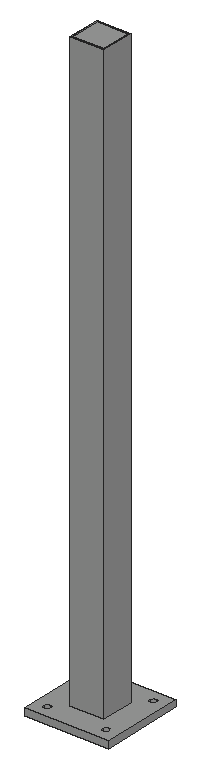
Revit family "LOUVERED_COMPOSITE_PLANK_PANEL_POST", category Specialty Equipment, Revit 2026
Family settings
  Round Connector Dimension = Use Diameter
  Part Type = Normal
  Classification Number = 23.55.00.00
  Work Plane-Based = Yes
  Enable Cutting in Views = No
  Always vertical = No
  Cut with Voids When Loaded = No
  Maintain Annotation Orientation = No
  Shared = No
  Room Calculation Point = No
Parameters (values of type "Assembly")
  Warranty URL = "https://palmshieldlouvers.com/wp-content/uploads/2020/01/PalmSHIELD-Warranty-NO-SIGN-LINE.pdf"
  Version = "2020 - v1.0a"  # constant formula
  URL = "https://palmshieldlouvers.com/"
  Product Page URL = "https://palmshieldlouvers.com/products/augustus-solid/"
  Product Documentation Link = "https://palmshieldlouvers.com/wp-content/uploads/2020/05/PalmSHIELD-Solid-Composite-Technical-Data-Sheet.pdf"
  Post Position [instance] = 1
  Model = "Augustus - Aluminum"  # constant formula
  Material = Metal - PalmSHIELD - Dusty Grey
  Manufacturer Phone Number = "531-329-4406 "  # constant formula
  Manufacturer Email = "mailto: info@palmshieldlouvers.com"
  Manufacturer Address = "12330 Cary Circle, La Vista, NE 68128"  # constant formula
  Manufacturer = "PalmSHIELD"  # constant formula
  Keynote = "05 10 00"
  Instruction Sheet Link = "https://palmshieldlouvers.com/wp-content/uploads/2020/01/PalmSHIELD-Post-Panel-Gate-Installation-Instructions-REV-1.pdf"
  ID [instance] = "Not Assigned"
  Height [instance] = if(Desired Overall Height < C Min Height, C Min Height, if(Desired Overall Height > C Max Height, C Max Height, Desired Overall Height))  # 6' - 0"
  Desired Overall Height [instance] = 6' - 0"
  Description = "Augustus - Aluminum - Square Post"  # constant formula
  Default Elevation = 0' - 0"
  Copyright = "Copyright ©2024 The American Fence Company and PalmSHIELD. All Rights Reserved."  # constant formula
  Component Vis [instance] = yes
  Component Name [instance] = "Augustus - Aluminum - Square Post"  # constant formula
  C Post Width = 0' - 4"  # constant formula
  C Min Height [instance] = 3' - 4"  # constant formula
  C Max Height [instance] = 8' - 0"  # constant formula
  Assembly Code = "F1020100"
Reference planes (in)
  plane 1 "Center (Front/Back)": y = 0
  plane 2: z = 0
  plane 3 "Center (Left/Right)": x = 0
  plane 4: z = 72
  plane 5: y = 2
  plane 6: y = -2
  plane 7: x = 2
  plane 8: x = -2
Lines and regions (in)
  reference lines
    curve 1: line (-24.29961, 0, 72) -> (24.70039, 0, 72)
Dimensions and locks (in)
  "Desired Overall Height": curve 1 to plane 2
  "Height": plane 4 to plane 2
  equal spacing: plane 8, plane 3 "Center (Left/Right)", plane 7
  equal spacing: plane 5, plane 1 "Center (Front/Back)", plane 6
  "C Post Width": plane 5 to plane 6
  "C Post Width": plane 8 to plane 7
  aligned and locked: plane 2 to level
Automatic sketch dimensions
  curve 1 to plane 8 = 1' - 10.29961"
  curve 1 to plane 7 = 1' - 10.70039"
Nested families (in)
  nested 1: "Screening-Louver-Assembly-Post-Palmshield-Mercury_Economic_Louver-Aluminum" at (0, 0, 0), Desired Overall Height <- "Desired Overall Height", ID <- "ID", Component Vis <- "Component Vis", Post Position <- "Post Position", visible <- "Component Vis", type "Assembly"
    with Post Position 1, Overall Height 6' - 0", ID "Not Assigned", Desired Overall Height 6' - 0", Component Vis (Single) yes, Component Vis (Double) no, Component Vis yes, Component Name "Mercury Economic - Post Assembly", C Post Offset 0' - 0"
  nested 2: "Nested-Base_Plate-Palmshield-Mercury_Economic" at (0, 0, 0), type "10" x 10" x 3/4""
    with Material Metal - PalmSHIELD - Dusty Grey, ID "Not Assigned", Component Vis yes, Component Name "Mercury Economic - Aluminum - Base Plate"
  nested 3: "Nested-Square_Post-Aluminum-Palmshield-Mercury_Economic" at (0, 0, 0.75), type "4" X 4" X 1/8" SQ. TUBE"
    with Material Metal - PalmSHIELD - Dusty Grey, Length 5' - 11 1/4", ID "Not Assigned", Component Vis yes, Component Name "Mercury Economic - Aluminum - Square Post"
  nested 4: "Nested-Top_Cap-Palmshield-Mercury_Economic" at (0, 0, 72) x (1, 0, 0) z (0, 0, -1), type "3 3/4" x 3 3/4" x 1/8""
    with Material Metal - PalmSHIELD - Dusty Grey, ID "Not Assigned", Component Vis yes, Component Name "Mercury Economic - Aluminum - Square Top Cap"
Definition of nested family "Nested-Base_Plate-Palmshield-Mercury_Economic"
  Parameters (values of type "10" x 14" x 3/4"")
    Width = if(Constraints = 1, 0' 10", 1' 2")  # 1' - 2"
    Warranty URL = "https://palmshieldlouvers.com/wp-content/uploads/2020/01/PalmSHIELD-Warranty-NO-SIGN-LINE.pdf"
    Version = "2020 - v1.0a"  # constant formula
    URL = "https://palmshieldlouvers.com/"
    Thickness = 0' - 0 3/4"  # constant formula
    Product Page URL = "Contact Manufacturer for More Information"
    Product Documentation Link = "Contact Manufacturer for More Information"
    Model = "Mercury Economic"  # constant formula
    Material [instance] = none
    Manufacturer Phone Number = "531-329-4406 "  # constant formula
    Manufacturer Fax Number = "Consult Manufacturer Website for More Information"  # constant formula
    Manufacturer Email = "mailto: info@palmshieldlouvers.com"
    Manufacturer Address = "12330 Cary Circle, La Vista, NE 68128"  # constant formula
    Manufacturer = "PalmSHIELD"  # constant formula
    Keynote = "05 10 00"
    Instruction Sheet Link = "Contact Manufacturer for More Information"
    ID [instance] = ""
    Hole Diameter = 0' - 0 3/4"  # constant formula
    Height = 0' - 10"  # constant formula
    Description = "Mercury Economic - Base Plate"  # constant formula
    Default Elevation = 4' - 0"
    Copyright = "Copyright ©2024 The American Fence Company and PalmSHIELD. All Rights Reserved."  # constant formula
    Constraints = 2
    Component Vis [instance] = yes
    Component Name [instance] = "Mercury Economic - Aluminum - Base Plate"  # constant formula
    C Hole Offset = 0' - 1 1/2"  # constant formula
    Assembly Code = "F1020100"
  Types (2): name | Width | Constraints
    10" x 10" x 3/4" | 0' - 10" | 1
    10" x 14" x 3/4" | 1' - 2" | 2
  Reference planes (in)
    plane 1 "Center (Front/Back)": y = 0
    plane 2: z = 0
    plane 3 "Center (Left/Right)": x = 0
    plane 4: y = 5
    plane 5: x = 7
    plane 6: y = -5
    plane 7: x = -7
    plane 8: z = 0.75
  Forms (in)
    Extrusion 1, solid
      sketch origin (0, 0, 0) x (1, 0, 0) y (0, 1, 0)
        loop
          line (-48, 48) -> (-48, -48) -> (48, -48) -> (48, 48) -> (-48, 48)
      from 0 to -12
    Extrusion 2, solid, material <- "Material", visible <- "Component Vis"
      sketch origin (0, 0, 0) x (1, 0, 0) y (0, 1, 0)
        loop
          line (-7, 5) -> (-7, -5) -> (7, -5) -> (7, 5) -> (-7, 5)
        loop
          circle (-5.5, 3.5) r 0.375
        loop
          circle (5.5, 3.5) r 0.375
        loop
          circle (-5.5, -3.5) r 0.375
        loop
          circle (5.5, -3.5) r 0.375
      from 0 to 0.75
  Dimensions and locks (in)
    equal spacing: plane 7, plane 3 "Center (Left/Right)", plane 5
    equal spacing: plane 4, plane 1 "Center (Front/Back)", plane 6
    "Width": plane 7 to plane 5
    "Height": plane 4 to plane 6
    "C Hole Offset": plane 7 to Extrusion 2 sketch curve  (x2)
    "C Hole Offset": Extrusion 2 sketch curve to plane 5  (x2)
    "C Hole Offset": plane 4 to Extrusion 2 sketch curve  (x2)
    "C Hole Offset": plane 6 to Extrusion 2 sketch curve  (x2)
    "Thickness": plane 8 to plane 2
    "Width": Extrusion 2 to Extrusion 2
    "Hole Diameter": diameter of Extrusion 2 sketch curve  (x4)
    aligned and locked: plane 2 to Extrusion 1
    aligned and locked: level to Extrusion 1
    aligned and locked: Extrusion 2 sketch curve to plane 4
    aligned and locked: plane 7 to Extrusion 2 sketch curve
    aligned and locked: Extrusion 2 sketch curve to plane 6
    aligned and locked: Extrusion 2 sketch curve to plane 5
    aligned and locked: plane 8 to Extrusion 2
  Automatic sketch dimensions
    Extrusion 1 sketch curve to Extrusion 1 sketch curve = 8' - 0"  (x2)
Definition of nested family "Nested-Square_Post-Aluminum-Palmshield-Mercury_Economic"
  Parameters (values of type "4" X 4" X 1/8" SQ. TUBE")
    Width = 0' - 4"  # constant formula
    Warranty URL = "https://palmshieldlouvers.com/wp-content/uploads/2020/01/PalmSHIELD-Warranty-NO-SIGN-LINE.pdf"
    Version = "2020 - v1.0a"  # constant formula
    URL = "https://palmshieldlouvers.com/"
    Thickness = 0' - 0 1/8"  # constant formula
    Product Page URL = "Contact Manufacturer for More Information"
    Product Documentation Link = "Contact Manufacturer for More Information"
    Model = "Mercury Economic"  # constant formula
    Material [instance] = none
    Manufacturer Phone Number = "531-329-4406 "  # constant formula
    Manufacturer Fax Number = "Consult Manufacturer Website for More Information"  # constant formula
    Manufacturer Email = "mailto: info@palmshieldlouvers.com"
    Manufacturer Address = "12330 Cary Circle, La Vista, NE 68128"  # constant formula
    Manufacturer = "PalmSHIELD"  # constant formula
    Length [instance] = 4' - 4.86713"
    Keynote = "05 10 00"
    Instruction Sheet Link = "Contact Manufacturer for More Information"
    ID [instance] = ""
    Description = "Mercury Economic - Post"  # constant formula
    Default Elevation = 4' - 0"
    Copyright = "Copyright ©2024 The American Fence Company and PalmSHIELD. All Rights Reserved."  # constant formula
    Component Vis [instance] = yes
    Component Name [instance] = "Mercury Economic - Aluminum - Square Post"  # constant formula
    Assembly Code = "F1020100"
  Reference planes (in)
    plane 1 "Center (Front/Back)": y = 0
    plane 2: z = 0
    plane 3 "Center (Left/Right)": x = 0
    plane 4: z = 52.86713
    plane 5: x = 2
    plane 6: x = -2
  Forms (in)
    Extrusion 1, solid
      sketch origin (0, 0, 0) x (1, 0, 0) y (0, 1, 0)
        loop
          line (-48, 48) -> (-48, -48) -> (48, -48) -> (48, 48) -> (-48, 48)
      from 0 to -12
    Sweep 2, solid, material <- "Material", visible <- "Component Vis"
      path origin (0, 0, 0) x (0, 1, 0) y (0, 0, 1)
        loop
          line (0, 0) -> (0, 52.86713)
      profile "Profile-Palmshield-Square : 4" X 4" X 1/8" SQ. TUBE" origin (0, 0, 26.43357) x (0, -1, 0) y (1, 0, 0)
        loop
          line (1.875, 1.875) -> (-1.875, 1.875) -> (-1.875, -1.875) -> (1.875, -1.875) -> (1.875, 1.875)
        loop
          line (-2, -2) -> (2, -2) -> (2, 2) -> (-2, 2) -> (-2, -2)
  Dimensions and locks (in)
    "Length": plane 4 to plane 2
    equal spacing: plane 5, plane 3 "Center (Left/Right)", plane 6
    "Width": plane 5 to plane 6
    aligned and locked: plane 2 to Extrusion 1
    aligned and locked: level to Extrusion 1
    aligned and locked: plane 1 "Center (Front/Back)" to Sweep 2 sketch curve
    aligned and locked: plane 4 to Sweep 2 sketch curve
  Automatic sketch dimensions
    Extrusion 1 sketch curve to Extrusion 1 sketch curve = 8' - 0"  (x2)
    Sweep 2 sketch curve to level = 0' - 0"
Definition of nested family "Nested-Top_Cap-Palmshield-Mercury_Economic"
  Parameters (values of type "3 3/4" x 3 3/4" x 1/8"")
    Width = 0' 4" - 2 * Thickness  # 0' - 3 3/4"
    Warranty URL = "https://palmshieldlouvers.com/wp-content/uploads/2020/01/PalmSHIELD-Warranty-NO-SIGN-LINE.pdf"
    Version = "2020 - v1.0a"  # constant formula
    URL = "https://palmshieldlouvers.com/"
    Thickness = 0' - 0 1/8"  # constant formula
    Product Page URL = "Contact Manufacturer for More Information"
    Product Documentation Link = "Contact Manufacturer for More Information"
    Model = "Mercury Economic"  # constant formula
    Material [instance] = none
    Manufacturer Phone Number = "531-329-4406 "  # constant formula
    Manufacturer Fax Number = "Consult Manufacturer Website for More Information"  # constant formula
    Manufacturer Email = "mailto: info@palmshieldlouvers.com"
    Manufacturer Address = "12330 Cary Circle, La Vista, NE 68128"  # constant formula
    Manufacturer = "PalmSHIELD"  # constant formula
    Keynote = "05 10 00"
    Instruction Sheet Link = "Contact Manufacturer for More Information"
    ID [instance] = ""
    Description = "Mercury Economic - Top Cap"  # constant formula
    Default Elevation = 4' - 0"
    Copyright = "Copyright ©2024 The American Fence Company and PalmSHIELD. All Rights Reserved."  # constant formula
    Component Vis [instance] = yes
    Component Name [instance] = "Mercury Economic - Aluminum - Square Top Cap"  # constant formula
    Assembly Code = "F1020100"
  Reference planes (in)
    plane 1 "Center (Front/Back)": y = 0
    plane 2: z = 0
    plane 3 "Center (Left/Right)": x = 0
    plane 4: y = 1.875
    plane 5: x = 1.875
    plane 6: y = -1.875
    plane 7: x = -1.875
    plane 8: z = 0.125
  Forms (in)
    Extrusion 1, solid
      sketch origin (0, 0, 0) x (1, 0, 0) y (0, 1, 0)
        loop
          line (-48, 48) -> (-48, -48) -> (48, -48) -> (48, 48) -> (-48, 48)
      from 0 to -12
    Extrusion 2, solid, material <- "Material", visible <- "Component Vis"
      sketch origin (0, 0, 0) x (1, 0, 0) y (0, 1, 0)
        loop
          line (-1.875, 1.875) -> (-1.875, -1.875) -> (1.875, -1.875) -> (1.875, 1.875) -> (-1.875, 1.875)
      from 0 to 0.125
  Dimensions and locks (in)
    equal spacing: plane 7, plane 3 "Center (Left/Right)", plane 5
    equal spacing: plane 4, plane 1 "Center (Front/Back)", plane 6
    "Width": plane 7 to plane 5
    "Width": plane 4 to plane 6
    "Thickness": plane 8 to plane 2
    aligned and locked: plane 2 to Extrusion 1
    aligned and locked: level to Extrusion 1
    aligned and locked: Extrusion 2 sketch curve to plane 4
    aligned and locked: plane 7 to Extrusion 2 sketch curve
    aligned and locked: Extrusion 2 sketch curve to plane 6
    aligned and locked: Extrusion 2 sketch curve to plane 5
    aligned and locked: plane 8 to Extrusion 2
  Automatic sketch dimensions
    Extrusion 1 sketch curve to Extrusion 1 sketch curve = 8' - 0"  (x2)
Definition of nested family "Screening-Louver-Assembly-Post-Palmshield-Mercury_Economic_Louver-Aluminum"
  Parameters (values of type "Assembly")
    Width = 0' - 4"  # constant formula
    Warranty URL = "https://palmshieldlouvers.com/wp-content/uploads/2020/01/PalmSHIELD-Warranty-NO-SIGN-LINE.pdf"
    Version = "2020 - v1.0a"  # constant formula
    URL = "https://palmshieldlouvers.com/"
    Top Cap Thickness = 0' - 0 1/8"  # constant formula
    Product Page URL = "https://palmshieldlouvers.com/products/louvers/"
    Product Documentation Link = "https://palmshieldlouvers.com/wp-content/uploads/2022/10/PalmSHIELD-Horizontal-Louvers-Technical-Data-Sheets-updated-100722.pdf"
    Post Position [instance] = 3
    Overall Height [instance] = if(Desired Overall Height < 3' 0", 3' 0", if(Desired Overall Height > 12' 0", 12' 0", Desired Overall Height))  # 6' - 0"
    Model = "Mercury Economic"  # constant formula
    Material = none
    Manufacturer Phone Number = "531-329-4406 "  # constant formula
    Manufacturer Fax Number = "Consult Manufacturer Website for More Information"  # constant formula
    Manufacturer Email = "mailto: info@palmshieldlouvers.com"
    Manufacturer Address = "12330 Cary Circle, La Vista, NE 68128"  # constant formula
    Manufacturer = "PalmSHIELD"  # constant formula
    Keynote = "05 10 00"
    Instruction Sheet Link = "Contact Manufacturer for More Information"
    ID [instance] = "Not Assigned"
    Desired Overall Height [instance] = 6' - 0"
    Description = "Mercury Economic - Post Assembly"  # constant formula
    Default Elevation = 4' - 0"
    Copyright = "Copyright ©2024 The American Fence Company and PalmSHIELD. All Rights Reserved."  # constant formula
    Component Vis (Single) [instance] = and(Component Vis, or(Post Position = 1, Post Position = 3))  # yes
    Component Vis (Double) [instance] = and(Component Vis, Post Position = 2)  # no
    Component Vis [instance] = yes
    Component Name [instance] = "Mercury Economic - Post Assembly"  # constant formula
    C Post Offset [instance] = if(Post Position = 3, 0' 2 1/2", 0' 0")  # 0' - 2 1/2"
    C Panel Offset from Ground = 0' - 2"  # constant formula
    Base Plate Thickness = 0' - 0 3/4"  # constant formula
    Assembly Code = "F1020100"
  Reference planes (in)
    plane 1 "Center (Front/Back)": y = 0
    plane 2: z = 0
    plane 3 "Center (Left/Right)": x = 0
    plane 4: x = 2
    plane 5: x = -2
    plane 6: z = 72
    plane 7: z = 2
  Forms (in)
    Extrusion 1, solid
      sketch origin (0, 0, 0) x (1, 0, 0) y (0, 1, 0)
        loop
          line (-48, 48) -> (-48, -48) -> (48, -48) -> (48, 48) -> (-48, 48)
      from 0 to -12
  Lines and regions (in)
    reference lines
      curve 1: line (-64.16684, 0, 72) -> (79.83316, 0, 72)
  Dimensions and locks (in)
    equal spacing: plane 4, plane 3 "Center (Left/Right)", plane 5
    "Width": plane 4 to plane 5
    "C Panel Offset from Ground": plane 7 to plane 2
    "C Post Offset": plane 3 "Center (Left/Right)" to nested 2
    "C Post Offset": plane 3 "Center (Left/Right)" to nested 3
    "Desired Overall Height": curve 1 to plane 2
    "Overall Height": plane 6 to plane 2
    aligned and locked: plane 2 to Extrusion 1
    aligned and locked: level to Extrusion 1
    aligned and locked: plane 1 "Center (Front/Back)" to nested 1
    aligned and locked: plane 1 "Center (Front/Back)" to nested 3
    aligned and locked: plane 6 to nested 2
    aligned and locked: plane 1 "Center (Front/Back)" to nested 4
    aligned and locked: plane 6 to nested 5
    aligned and locked: plane 6 to nested 6
    aligned and locked: plane 3 "Center (Left/Right)" to nested 5
    aligned and locked: nested 6 to plane 3 "Center (Left/Right)"
    aligned and locked: nested 7 to nested 5
    aligned and locked: plane 4 to nested 8
    aligned and locked: plane 3 "Center (Left/Right)" to nested 4
    aligned and locked: plane 3 "Center (Left/Right)" to nested 1
  Automatic sketch dimensions
    Extrusion 1 sketch curve to Extrusion 1 sketch curve = 8' - 0"  (x2)
    curve 1 to plane 5 = 5' - 2.16684"
    plane 4 to curve 1 = 6' - 5.83316"
  Nested families (in)
    nested 1: "Nested-Base_Plate-Palmshield-Mercury_Economic" at (0, 0, 0), ID <- "ID", Material <- "Material", visible <- "Component Vis (Single)", Component Vis <- "Component Vis (Single)", type "10" x 10" x 3/4""
      with Material none, ID "Not Assigned", Component Vis yes, Component Name "Mercury Economic - Aluminum - Base Plate"
    nested 2: "Nested-Square_Post-Aluminum-Palmshield-Mercury_Economic" at (2.5, 0, 0.75), ID <- "ID", Material <- "Material", visible <- "Component Vis (Single)", Component Vis <- "Component Vis (Single)", type "4" X 4" X 1/8" SQ. TUBE"
      with Material none, Length 5' - 11 1/4", ID "Not Assigned", Component Vis yes, Component Name "Mercury Economic - Aluminum - Square Post"
    nested 3: "Nested-Top_Cap-Palmshield-Mercury_Economic" at (2.5, 0, 72) x (1, 0, 0) z (0, 0, -1), ID <- "ID", Material <- "Material", visible <- "Component Vis (Single)", Component Vis <- "Component Vis (Single)", type "3 3/4" x 3 3/4" x 1/8""
      with Material none, ID "Not Assigned", Component Vis yes, Component Name "Mercury Economic - Aluminum - Square Top Cap"
    nested 4: "Nested-Base_Plate-Palmshield-Mercury_Economic" at (0, 0, 0), ID <- "ID", Material <- "Material", visible <- "Component Vis (Double)", Component Vis <- "Component Vis (Double)", type "10" x 14" x 3/4""
      with Material none, ID "Not Assigned", Component Vis no, Component Name "Mercury Economic - Aluminum - Base Plate"
    nested 5: "Nested-Square_Post-Aluminum-Palmshield-Mercury_Economic" at (-2, 0, 0.75), ID <- "ID", Material <- "Material", visible <- "Component Vis (Double)", Component Vis <- "Component Vis (Double)", type "4" X 4" X 1/8" SQ. TUBE"
      with Material none, Length 5' - 11 1/4", ID "Not Assigned", Component Vis no, Component Name "Mercury Economic - Aluminum - Square Post"
    nested 6: "Nested-Square_Post-Aluminum-Palmshield-Mercury_Economic" at (2, 0, 0.75), ID <- "ID", Material <- "Material", visible <- "Component Vis (Double)", Component Vis <- "Component Vis (Double)", type "4" X 4" X 1/8" SQ. TUBE"
      with Material none, Length 5' - 11 1/4", ID "Not Assigned", Component Vis no, Component Name "Mercury Economic - Aluminum - Square Post"
    nested 7: "Nested-Top_Cap-Palmshield-Mercury_Economic" at (-2, 0, 72) x (1, 0, 0) z (0, 0, -1), ID <- "ID", Material <- "Material", visible <- "Component Vis (Double)", Component Vis <- "Component Vis (Double)", type "3 3/4" x 3 3/4" x 1/8""
      with Material none, ID "Not Assigned", Component Vis no, Component Name "Mercury Economic - Aluminum - Square Top Cap"
    nested 8: "Nested-Top_Cap-Palmshield-Mercury_Economic" at (2, 0, 72) x (1, 0, 0) z (0, 0, -1), ID <- "ID", Material <- "Material", visible <- "Component Vis (Double)", Component Vis <- "Component Vis (Double)", type "3 3/4" x 3 3/4" x 1/8""
      with Material none, ID "Not Assigned", Component Vis no, Component Name "Mercury Economic - Aluminum - Square Top Cap"
  Definition of nested family "Nested-Base_Plate-Palmshield-Mercury_Economic"
    Parameters (values of type "10" x 14" x 3/4"")
      Width = if(Constraints = 1, 0' 10", 1' 2")  # 1' - 2"
      Warranty URL = "https://palmshieldlouvers.com/wp-content/uploads/2020/01/PalmSHIELD-Warranty-NO-SIGN-LINE.pdf"
      Version = "2020 - v1.0a"  # constant formula
      URL = "https://palmshieldlouvers.com/"
      Thickness = 0' - 0 3/4"  # constant formula
      Product Page URL = "Contact Manufacturer for More Information"
      Product Documentation Link = "Contact Manufacturer for More Information"
      Model = "Mercury Economic"  # constant formula
      Material [instance] = none
      Manufacturer Phone Number = "531-329-4406 "  # constant formula
      Manufacturer Fax Number = "Consult Manufacturer Website for More Information"  # constant formula
      Manufacturer Email = "mailto: info@palmshieldlouvers.com"
      Manufacturer Address = "12330 Cary Circle, La Vista, NE 68128"  # constant formula
      Manufacturer = "PalmSHIELD"  # constant formula
      Keynote = "05 10 00"
      Instruction Sheet Link = "Contact Manufacturer for More Information"
      ID [instance] = ""
      Hole Diameter = 0' - 0 3/4"  # constant formula
      Height = 0' - 10"  # constant formula
      Description = "Mercury Economic - Base Plate"  # constant formula
      Default Elevation = 4' - 0"
      Copyright = "Copyright ©2024 The American Fence Company and PalmSHIELD. All Rights Reserved."  # constant formula
      Constraints = 2
      Component Vis [instance] = yes
      Component Name [instance] = "Mercury Economic - Aluminum - Base Plate"  # constant formula
      C Hole Offset = 0' - 1 1/2"  # constant formula
      Assembly Code = "F1020100"
    Types (2): name | Width | Constraints
      10" x 10" x 3/4" | 0' - 10" | 1
      10" x 14" x 3/4" | 1' - 2" | 2
    Reference planes (in)
      plane 1 "Center (Front/Back)": y = 0
      plane 2: z = 0
      plane 3 "Center (Left/Right)": x = 0
      plane 4: y = 5
      plane 5: x = 7
      plane 6: y = -5
      plane 7: x = -7
      plane 8: z = 0.75
    Forms (in)
      Extrusion 1, solid
        sketch origin (0, 0, 0) x (1, 0, 0) y (0, 1, 0)
          loop
            line (-48, 48) -> (-48, -48) -> (48, -48) -> (48, 48) -> (-48, 48)
        from 0 to -12
      Extrusion 2, solid, material <- "Material", visible <- "Component Vis"
        sketch origin (0, 0, 0) x (1, 0, 0) y (0, 1, 0)
          loop
            line (-7, 5) -> (-7, -5) -> (7, -5) -> (7, 5) -> (-7, 5)
          loop
            circle (-5.5, 3.5) r 0.375
          loop
            circle (5.5, 3.5) r 0.375
          loop
            circle (-5.5, -3.5) r 0.375
          loop
            circle (5.5, -3.5) r 0.375
        from 0 to 0.75
    Dimensions and locks (in)
      equal spacing: plane 7, plane 3 "Center (Left/Right)", plane 5
      equal spacing: plane 4, plane 1 "Center (Front/Back)", plane 6
      "Width": plane 7 to plane 5
      "Height": plane 4 to plane 6
      "C Hole Offset": plane 7 to Extrusion 2 sketch curve  (x2)
      "C Hole Offset": Extrusion 2 sketch curve to plane 5  (x2)
      "C Hole Offset": plane 4 to Extrusion 2 sketch curve  (x2)
      "C Hole Offset": plane 6 to Extrusion 2 sketch curve  (x2)
      "Thickness": plane 8 to plane 2
      "Width": Extrusion 2 to Extrusion 2
      "Hole Diameter": diameter of Extrusion 2 sketch curve  (x4)
      aligned and locked: plane 2 to Extrusion 1
      aligned and locked: level to Extrusion 1
      aligned and locked: Extrusion 2 sketch curve to plane 4
      aligned and locked: plane 7 to Extrusion 2 sketch curve
      aligned and locked: Extrusion 2 sketch curve to plane 6
      aligned and locked: Extrusion 2 sketch curve to plane 5
      aligned and locked: plane 8 to Extrusion 2
    Automatic sketch dimensions
      Extrusion 1 sketch curve to Extrusion 1 sketch curve = 8' - 0"  (x2)
  Definition of nested family "Nested-Square_Post-Aluminum-Palmshield-Mercury_Economic"
    Parameters (values of type "4" X 4" X 1/8" SQ. TUBE")
      Width = 0' - 4"  # constant formula
      Warranty URL = "https://palmshieldlouvers.com/wp-content/uploads/2020/01/PalmSHIELD-Warranty-NO-SIGN-LINE.pdf"
      Version = "2020 - v1.0a"  # constant formula
      URL = "https://palmshieldlouvers.com/"
      Thickness = 0' - 0 1/8"  # constant formula
      Product Page URL = "Contact Manufacturer for More Information"
      Product Documentation Link = "Contact Manufacturer for More Information"
      Model = "Mercury Economic"  # constant formula
      Material [instance] = none
      Manufacturer Phone Number = "531-329-4406 "  # constant formula
      Manufacturer Fax Number = "Consult Manufacturer Website for More Information"  # constant formula
      Manufacturer Email = "mailto: info@palmshieldlouvers.com"
      Manufacturer Address = "12330 Cary Circle, La Vista, NE 68128"  # constant formula
      Manufacturer = "PalmSHIELD"  # constant formula
      Length [instance] = 4' - 4.86713"
      Keynote = "05 10 00"
      Instruction Sheet Link = "Contact Manufacturer for More Information"
      ID [instance] = ""
      Description = "Mercury Economic - Post"  # constant formula
      Default Elevation = 4' - 0"
      Copyright = "Copyright ©2024 The American Fence Company and PalmSHIELD. All Rights Reserved."  # constant formula
      Component Vis [instance] = yes
      Component Name [instance] = "Mercury Economic - Aluminum - Square Post"  # constant formula
      Assembly Code = "F1020100"
    Reference planes (in)
      plane 1 "Center (Front/Back)": y = 0
      plane 2: z = 0
      plane 3 "Center (Left/Right)": x = 0
      plane 4: z = 52.86713
      plane 5: x = 2
      plane 6: x = -2
    Forms (in)
      Extrusion 1, solid
        sketch origin (0, 0, 0) x (1, 0, 0) y (0, 1, 0)
          loop
            line (-48, 48) -> (-48, -48) -> (48, -48) -> (48, 48) -> (-48, 48)
        from 0 to -12
      Sweep 2, solid, material <- "Material", visible <- "Component Vis"
        path origin (0, 0, 0) x (0, 1, 0) y (0, 0, 1)
          loop
            line (0, 0) -> (0, 52.86713)
        profile "Profile-Palmshield-Square : 4" X 4" X 1/8" SQ. TUBE" origin (0, 0, 26.43357) x (0, -1, 0) y (1, 0, 0)
          loop
            line (1.875, 1.875) -> (-1.875, 1.875) -> (-1.875, -1.875) -> (1.875, -1.875) -> (1.875, 1.875)
          loop
            line (-2, -2) -> (2, -2) -> (2, 2) -> (-2, 2) -> (-2, -2)
    Dimensions and locks (in)
      "Length": plane 4 to plane 2
      equal spacing: plane 5, plane 3 "Center (Left/Right)", plane 6
      "Width": plane 5 to plane 6
      aligned and locked: plane 2 to Extrusion 1
      aligned and locked: level to Extrusion 1
      aligned and locked: plane 1 "Center (Front/Back)" to Sweep 2 sketch curve
      aligned and locked: plane 4 to Sweep 2 sketch curve
    Automatic sketch dimensions
      Extrusion 1 sketch curve to Extrusion 1 sketch curve = 8' - 0"  (x2)
      Sweep 2 sketch curve to level = 0' - 0"
  Definition of nested family "Nested-Top_Cap-Palmshield-Mercury_Economic"
    Parameters (values of type "3 3/4" x 3 3/4" x 1/8"")
      Width = 0' 4" - 2 * Thickness  # 0' - 3 3/4"
      Warranty URL = "https://palmshieldlouvers.com/wp-content/uploads/2020/01/PalmSHIELD-Warranty-NO-SIGN-LINE.pdf"
      Version = "2020 - v1.0a"  # constant formula
      URL = "https://palmshieldlouvers.com/"
      Thickness = 0' - 0 1/8"  # constant formula
      Product Page URL = "Contact Manufacturer for More Information"
      Product Documentation Link = "Contact Manufacturer for More Information"
      Model = "Mercury Economic"  # constant formula
      Material [instance] = none
      Manufacturer Phone Number = "531-329-4406 "  # constant formula
      Manufacturer Fax Number = "Consult Manufacturer Website for More Information"  # constant formula
      Manufacturer Email = "mailto: info@palmshieldlouvers.com"
      Manufacturer Address = "12330 Cary Circle, La Vista, NE 68128"  # constant formula
      Manufacturer = "PalmSHIELD"  # constant formula
      Keynote = "05 10 00"
      Instruction Sheet Link = "Contact Manufacturer for More Information"
      ID [instance] = ""
      Description = "Mercury Economic - Top Cap"  # constant formula
      Default Elevation = 4' - 0"
      Copyright = "Copyright ©2024 The American Fence Company and PalmSHIELD. All Rights Reserved."  # constant formula
      Component Vis [instance] = yes
      Component Name [instance] = "Mercury Economic - Aluminum - Square Top Cap"  # constant formula
      Assembly Code = "F1020100"
    Reference planes (in)
      plane 1 "Center (Front/Back)": y = 0
      plane 2: z = 0
      plane 3 "Center (Left/Right)": x = 0
      plane 4: y = 1.875
      plane 5: x = 1.875
      plane 6: y = -1.875
      plane 7: x = -1.875
      plane 8: z = 0.125
    Forms (in)
      Extrusion 1, solid
        sketch origin (0, 0, 0) x (1, 0, 0) y (0, 1, 0)
          loop
            line (-48, 48) -> (-48, -48) -> (48, -48) -> (48, 48) -> (-48, 48)
        from 0 to -12
      Extrusion 2, solid, material <- "Material", visible <- "Component Vis"
        sketch origin (0, 0, 0) x (1, 0, 0) y (0, 1, 0)
          loop
            line (-1.875, 1.875) -> (-1.875, -1.875) -> (1.875, -1.875) -> (1.875, 1.875) -> (-1.875, 1.875)
        from 0 to 0.125
    Dimensions and locks (in)
      equal spacing: plane 7, plane 3 "Center (Left/Right)", plane 5
      equal spacing: plane 4, plane 1 "Center (Front/Back)", plane 6
      "Width": plane 7 to plane 5
      "Width": plane 4 to plane 6
      "Thickness": plane 8 to plane 2
      aligned and locked: plane 2 to Extrusion 1
      aligned and locked: level to Extrusion 1
      aligned and locked: Extrusion 2 sketch curve to plane 4
      aligned and locked: plane 7 to Extrusion 2 sketch curve
      aligned and locked: Extrusion 2 sketch curve to plane 6
      aligned and locked: Extrusion 2 sketch curve to plane 5
      aligned and locked: plane 8 to Extrusion 2
    Automatic sketch dimensions
      Extrusion 1 sketch curve to Extrusion 1 sketch curve = 8' - 0"  (x2)
